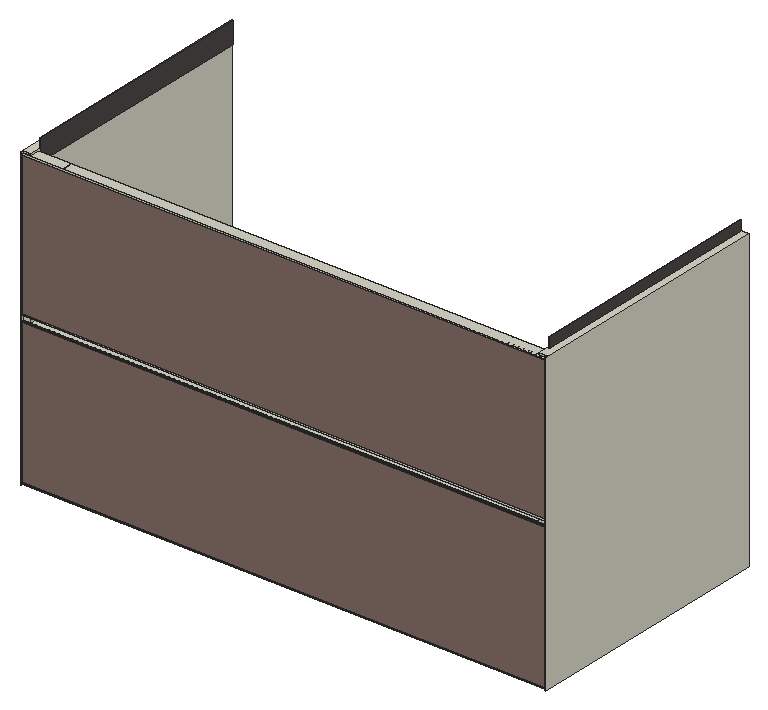
Revit family "vanity unit-hansgrohe-54182XXX-Xevolos E Vanity unit Sand Matt Beige 980_475 with 2 drawers for washbasin", category Furniture, Revit 2019
Family settings
  OmniClass Number = 23.40.00.00
  OmniClass Title = Equipment and Furnishings
  Work Plane-Based = No
  Always vertical = Yes
  Cut with Voids When Loaded = No
  Shared = Yes
  Room Calculation Point = No
Parameters (values of type "54182730-SAND_MATT_BEIGE-DARK_OAK-400")
  etim7_EC011381 = "EC011381"
  WEIGHT = "39.4"
  UNSPSC = "56 | Furniture and Furnishings"
  UNIFORMATII = "E2010 | Fixed Furnishings"
  UNICLASS_2015_CODE = "40_30_78_05"
  UNICLASS2015 = "Pr_40_30_78_05 | Bathroom furniture"
  SURFACE = "DARK_OAK"
  REGION = "Worldwide"
  PRODUCTURL = "https://pro.hansgrohe.com/articledetail--54182790"
  PERMALINK = "54182XXX"
  OMNICLASS = "23-21 19 15 33 13 | Residential Bathroom Specialty Casework"
  OBJECTTYPE = "Object (single object)"
  OBERFLAECHE = "SAND_MATT_BEIGE"
  NN = "Vanity unit with 2 drawers for handrinse basin"
  NBSYN = "$ARTNR.-$OBERFLAECHE.-$SURFACE.-$LODLEVEL."
  NB = "54182730-SAND_MATT_BEIGE-DARK_OAK-400"
  NAME = "Xevolos E Vanity unit Sand Matt Beige 980/475 with 2 drawers for washbasin"
  Model = "54182730-SAND_MATT_BEIGE-DARK_OAK-400"
  Manufacturer = "Hansgrohe"
  MIdent = "{$CADENAS_DATA/23d-libs/hansgrohe/xevolos_furniture/xevolos_vanity_unit_2_drawers_handrinse_basin/vanity_unit_2_drawers_for_handrinse_basin.prj},263 {VTYP=3D},{NB=54182730-SAND_MATT_BEIGE-DARK_OAK-400},{LINA=54182730-SAND_MATT_BEIGE-DARK_OAK-400},{NN=Vanity unit with 2 drawers for handrinse basin},{DATE=13.03.2023 12:26:32},{GEOMDATE=12.03.2023 06:54:00},{VERSION=},{LINEID=810},{WBVAR=LODLEVEL},{WBNUMERIC=}  {NB=54182730-SAND_MATT_BEIGE-DARK_OAK-400},{LINA=54182730-SAND_MATT_BEIGE-DARK_OAK-400},{KT=DUMMY},{IDNR=32},{ARTNR=54182730},{BASENUMBER=54182},{MODEL=54182XXX},{OBERFLAECHE=SAND_MATT_BEIGE},{SURFACE=DARK_OAK},{L=980},{LODLEVEL=400},{LODLEVELX='400','400','200','200'},{NAME=Xevolos E Vanity unit Sand Matt Beige 980/475 with 2 drawers for washbasin},{PERMALINK=54182XXX},{OBJECTTYPE=Object (single object)},{BIMOBJECT=Sanitary: Compound units},{COLLECTIONSET=Xevolos E},{COLLECTION=vanity unit},{WEIGHT=39.4},{DESCRIPTION=Xevolos E Vanity unit Sand Matt Beige 980/475 with 2 drawers for washbasin},{PRODUCTURL=https://pro.hansgrohe.com/articledetail--54182790},{GTINCODE=0},{TENDERURL=0},{IFC=Furnishing element},{ETIM=EC011381 | Bathroom furniture set},{UNICLASS2015=Pr_40_30_78_05 | Bathroom furniture},{OMNICLASS=23-21 19 15 33 13 | Residential Bathroom Specialty Casework},{MASTERFORMAT=12 35 30.23 | Bathroom Casework},{UNSPSC=56 | Furniture and Furnishings},{UNIFORMATII=E2010 | Fixed Furnishings},{REGION=Worldwide},{DESIGN=Germany},{MANUFACTURER=Germany}"
  MASTERFORMAT = "12 35 30.23 | Bathroom Casework"
  LODLEVEL = "400"
  LINA = "54182730-SAND_MATT_BEIGE-DARK_OAK-400"
  L = 980
  IFC = "Furnishing element"
  IDNR = 32
  ETIM = "EC011381 | Bathroom furniture set"
  DESIGN = "Germany"
  COLLECTIONSET = "Xevolos E"
  COLLECTION = "vanity unit"
  CATALOG = "Hansgrohe"
  BIMOBJECT = "Sanitary: Compound units"
  BASENUMBER = "54182"
  ARTNR = "54182730"
  54182790-SAND_MATT_BEIGE-METALLIC_SAND_BEIGE-400_RX0RY0RZ0TX0TY0TZ0_V = no
  54182790-SAND_MATT_BEIGE-METALLIC_SAND_BEIGE-200_RX0RY0RZ0TX0TY0TZ0_V = no
  54182730-SAND_MATT_BEIGE-DARK_OAK-400_RX0RY0RZ0TX0TY0TZ0_V = yes
  54182730-SAND_MATT_BEIGE-DARK_OAK-200_RX0RY0RZ0TX0TY0TZ0_V = no
  54182390-SAND_MATT_BEIGE-PATTEREND_BRONZE-400_RX0RY0RZ0TX0TY0TZ0_V = no
  54182390-SAND_MATT_BEIGE-PATTEREND_BRONZE-200_RX0RY0RZ0TX0TY0TZ0_V = no
Types (6, lengths in mm): name | SURFACE | NB | Model | MIdent | LODLEVEL | LINA | IDNR | ARTNR | 54182790-SAND_MATT_BEIGE-METALLIC_SAND_BEIGE-400_RX0RY0RZ0TX0TY0TZ0_V | 54182790-SAND_MATT_BEIGE-METALLIC_SAND_BEIGE-200_RX0RY0RZ0TX0TY0TZ0_V | 54182730-SAND_MATT_BEIGE-DARK_OAK-400_RX0RY0RZ0TX0TY0TZ0_V | 54182730-SAND_MATT_BEIGE-DARK_OAK-200_RX0RY0RZ0TX0TY0TZ0_V | 54182390-SAND_MATT_BEIGE-PATTEREND_BRONZE-400_RX0RY0RZ0TX0TY0TZ0_V | 54182390-SAND_MATT_BEIGE-PATTEREND_BRONZE-200_RX0RY0RZ0TX0TY0TZ0_V
  54182390-SAND_MATT_BEIGE-PATTEREND_BRONZE-200 | "PATTEREND_BRONZE" | "54182390-SAND_MATT_BEIGE-PATTEREND_BRONZE-200" | "54182390-SAND_MATT_BEIGE-PATTEREND_BRONZE-200" | "{$CADENAS_DATA/23d-libs/hansgrohe/xevolos_furniture/xevolos_vanity_unit_2_drawers_handrinse_basin/vanity_unit_2_drawers_for_handrinse_basin.prj},279 {VTYP=3D},{NB=54182390-SAND_MATT_BEIGE-PATTEREND_BRONZE-200},{LINA=54182390-SAND_MATT_BEIGE-PATTEREND_BRONZE-200},{NN=Vanity unit with 2 drawers for handrinse basin},{DATE=13.03.2023 12:26:32},{GEOMDATE=12.03.2023 06:54:00},{VERSION=},{LINEID=800},{WBVAR=LODLEVEL},{WBNUMERIC=}  {NB=54182390-SAND_MATT_BEIGE-PATTEREND_BRONZE-200},{LINA=54182390-SAND_MATT_BEIGE-PATTEREND_BRONZE-200},{KT=DUMMY},{IDNR=31},{ARTNR=54182390},{BASENUMBER=54182},{MODEL=54182XXX},{OBERFLAECHE=SAND_MATT_BEIGE},{SURFACE=PATTEREND_BRONZE},{L=980},{LODLEVEL=200},{LODLEVELX='400','400','200','200'},{NAME=Xevolos E Vanity unit Sand Matt Beige 980/475 with 2 drawers for washbasin},{PERMALINK=54182XXX},{OBJECTTYPE=Object (single object)},{BIMOBJECT=Sanitary: Compound units},{COLLECTIONSET=Xevolos E},{COLLECTION=vanity unit},{WEIGHT=39.4},{DESCRIPTION=Xevolos E Vanity unit Sand Matt Beige 980/475 with 2 drawers for washbasin},{PRODUCTURL=https://pro.hansgrohe.com/articledetail--54182790},{GTINCODE=0},{TENDERURL=0},{IFC=Furnishing element},{ETIM=EC011381 | Bathroom furniture set},{UNICLASS2015=Pr_40_30_78_05 | Bathroom furniture},{OMNICLASS=23-21 19 15 33 13 | Residential Bathroom Specialty Casework},{MASTERFORMAT=12 35 30.23 | Bathroom Casework},{UNSPSC=56 | Furniture and Furnishings},{UNIFORMATII=E2010 | Fixed Furnishings},{REGION=Worldwide},{DESIGN=Germany},{MANUFACTURER=Germany}" | "200" | "54182390-SAND_MATT_BEIGE-PATTEREND_BRONZE-200" | 31 | "54182390" | no | no | no | no | no | yes
  54182390-SAND_MATT_BEIGE-PATTEREND_BRONZE-400 | "PATTEREND_BRONZE" | "54182390-SAND_MATT_BEIGE-PATTEREND_BRONZE-400" | "54182390-SAND_MATT_BEIGE-PATTEREND_BRONZE-400" | "{$CADENAS_DATA/23d-libs/hansgrohe/xevolos_furniture/xevolos_vanity_unit_2_drawers_handrinse_basin/vanity_unit_2_drawers_for_handrinse_basin.prj},279 {VTYP=3D},{NB=54182390-SAND_MATT_BEIGE-PATTEREND_BRONZE-400},{LINA=54182390-SAND_MATT_BEIGE-PATTEREND_BRONZE-400},{NN=Vanity unit with 2 drawers for handrinse basin},{DATE=13.03.2023 12:26:32},{GEOMDATE=12.03.2023 06:54:00},{VERSION=},{LINEID=800},{WBVAR=LODLEVEL},{WBNUMERIC=}  {NB=54182390-SAND_MATT_BEIGE-PATTEREND_BRONZE-400},{LINA=54182390-SAND_MATT_BEIGE-PATTEREND_BRONZE-400},{KT=DUMMY},{IDNR=31},{ARTNR=54182390},{BASENUMBER=54182},{MODEL=54182XXX},{OBERFLAECHE=SAND_MATT_BEIGE},{SURFACE=PATTEREND_BRONZE},{L=980},{LODLEVEL=400},{LODLEVELX='400','400','200','200'},{NAME=Xevolos E Vanity unit Sand Matt Beige 980/475 with 2 drawers for washbasin},{PERMALINK=54182XXX},{OBJECTTYPE=Object (single object)},{BIMOBJECT=Sanitary: Compound units},{COLLECTIONSET=Xevolos E},{COLLECTION=vanity unit},{WEIGHT=39.4},{DESCRIPTION=Xevolos E Vanity unit Sand Matt Beige 980/475 with 2 drawers for washbasin},{PRODUCTURL=https://pro.hansgrohe.com/articledetail--54182790},{GTINCODE=0},{TENDERURL=0},{IFC=Furnishing element},{ETIM=EC011381 | Bathroom furniture set},{UNICLASS2015=Pr_40_30_78_05 | Bathroom furniture},{OMNICLASS=23-21 19 15 33 13 | Residential Bathroom Specialty Casework},{MASTERFORMAT=12 35 30.23 | Bathroom Casework},{UNSPSC=56 | Furniture and Furnishings},{UNIFORMATII=E2010 | Fixed Furnishings},{REGION=Worldwide},{DESIGN=Germany},{MANUFACTURER=Germany}" | "400" | "54182390-SAND_MATT_BEIGE-PATTEREND_BRONZE-400" | 31 | "54182390" | no | no | no | no | yes | no
  54182730-SAND_MATT_BEIGE-DARK_OAK-200 | "DARK_OAK" | "54182730-SAND_MATT_BEIGE-DARK_OAK-200" | "54182730-SAND_MATT_BEIGE-DARK_OAK-200" | "{$CADENAS_DATA/23d-libs/hansgrohe/xevolos_furniture/xevolos_vanity_unit_2_drawers_handrinse_basin/vanity_unit_2_drawers_for_handrinse_basin.prj},263 {VTYP=3D},{NB=54182730-SAND_MATT_BEIGE-DARK_OAK-200},{LINA=54182730-SAND_MATT_BEIGE-DARK_OAK-200},{NN=Vanity unit with 2 drawers for handrinse basin},{DATE=13.03.2023 12:26:32},{GEOMDATE=12.03.2023 06:54:00},{VERSION=},{LINEID=810},{WBVAR=LODLEVEL},{WBNUMERIC=}  {NB=54182730-SAND_MATT_BEIGE-DARK_OAK-200},{LINA=54182730-SAND_MATT_BEIGE-DARK_OAK-200},{KT=DUMMY},{IDNR=32},{ARTNR=54182730},{BASENUMBER=54182},{MODEL=54182XXX},{OBERFLAECHE=SAND_MATT_BEIGE},{SURFACE=DARK_OAK},{L=980},{LODLEVEL=200},{LODLEVELX='400','400','200','200'},{NAME=Xevolos E Vanity unit Sand Matt Beige 980/475 with 2 drawers for washbasin},{PERMALINK=54182XXX},{OBJECTTYPE=Object (single object)},{BIMOBJECT=Sanitary: Compound units},{COLLECTIONSET=Xevolos E},{COLLECTION=vanity unit},{WEIGHT=39.4},{DESCRIPTION=Xevolos E Vanity unit Sand Matt Beige 980/475 with 2 drawers for washbasin},{PRODUCTURL=https://pro.hansgrohe.com/articledetail--54182790},{GTINCODE=0},{TENDERURL=0},{IFC=Furnishing element},{ETIM=EC011381 | Bathroom furniture set},{UNICLASS2015=Pr_40_30_78_05 | Bathroom furniture},{OMNICLASS=23-21 19 15 33 13 | Residential Bathroom Specialty Casework},{MASTERFORMAT=12 35 30.23 | Bathroom Casework},{UNSPSC=56 | Furniture and Furnishings},{UNIFORMATII=E2010 | Fixed Furnishings},{REGION=Worldwide},{DESIGN=Germany},{MANUFACTURER=Germany}" | "200" | "54182730-SAND_MATT_BEIGE-DARK_OAK-200" | 32 | "54182730" | no | no | no | yes | no | no
  54182730-SAND_MATT_BEIGE-DARK_OAK-400 | "DARK_OAK" | "54182730-SAND_MATT_BEIGE-DARK_OAK-400" | "54182730-SAND_MATT_BEIGE-DARK_OAK-400" | "{$CADENAS_DATA/23d-libs/hansgrohe/xevolos_furniture/xevolos_vanity_unit_2_drawers_handrinse_basin/vanity_unit_2_drawers_for_handrinse_basin.prj},263 {VTYP=3D},{NB=54182730-SAND_MATT_BEIGE-DARK_OAK-400},{LINA=54182730-SAND_MATT_BEIGE-DARK_OAK-400},{NN=Vanity unit with 2 drawers for handrinse basin},{DATE=13.03.2023 12:26:32},{GEOMDATE=12.03.2023 06:54:00},{VERSION=},{LINEID=810},{WBVAR=LODLEVEL},{WBNUMERIC=}  {NB=54182730-SAND_MATT_BEIGE-DARK_OAK-400},{LINA=54182730-SAND_MATT_BEIGE-DARK_OAK-400},{KT=DUMMY},{IDNR=32},{ARTNR=54182730},{BASENUMBER=54182},{MODEL=54182XXX},{OBERFLAECHE=SAND_MATT_BEIGE},{SURFACE=DARK_OAK},{L=980},{LODLEVEL=400},{LODLEVELX='400','400','200','200'},{NAME=Xevolos E Vanity unit Sand Matt Beige 980/475 with 2 drawers for washbasin},{PERMALINK=54182XXX},{OBJECTTYPE=Object (single object)},{BIMOBJECT=Sanitary: Compound units},{COLLECTIONSET=Xevolos E},{COLLECTION=vanity unit},{WEIGHT=39.4},{DESCRIPTION=Xevolos E Vanity unit Sand Matt Beige 980/475 with 2 drawers for washbasin},{PRODUCTURL=https://pro.hansgrohe.com/articledetail--54182790},{GTINCODE=0},{TENDERURL=0},{IFC=Furnishing element},{ETIM=EC011381 | Bathroom furniture set},{UNICLASS2015=Pr_40_30_78_05 | Bathroom furniture},{OMNICLASS=23-21 19 15 33 13 | Residential Bathroom Specialty Casework},{MASTERFORMAT=12 35 30.23 | Bathroom Casework},{UNSPSC=56 | Furniture and Furnishings},{UNIFORMATII=E2010 | Fixed Furnishings},{REGION=Worldwide},{DESIGN=Germany},{MANUFACTURER=Germany}" | "400" | "54182730-SAND_MATT_BEIGE-DARK_OAK-400" | 32 | "54182730" | no | no | yes | no | no | no
  54182790-SAND_MATT_BEIGE-METALLIC_SAND_BEIGE-200 | "METALLIC_SAND_BEIGE" | "54182790-SAND_MATT_BEIGE-METALLIC_SAND_BEIGE-200" | "54182790-SAND_MATT_BEIGE-METALLIC_SAND_BEIGE-200" | "{$CADENAS_DATA/23d-libs/hansgrohe/xevolos_furniture/xevolos_vanity_unit_2_drawers_handrinse_basin/vanity_unit_2_drawers_for_handrinse_basin.prj},285 {VTYP=3D},{NB=54182790-SAND_MATT_BEIGE-METALLIC_SAND_BEIGE-200},{LINA=54182790-SAND_MATT_BEIGE-METALLIC_SAND_BEIGE-200},{NN=Vanity unit with 2 drawers for handrinse basin},{DATE=13.03.2023 12:26:32},{GEOMDATE=12.03.2023 06:54:00},{VERSION=},{LINEID=820},{WBVAR=LODLEVEL},{WBNUMERIC=}  {NB=54182790-SAND_MATT_BEIGE-METALLIC_SAND_BEIGE-200},{LINA=54182790-SAND_MATT_BEIGE-METALLIC_SAND_BEIGE-200},{KT=DUMMY},{IDNR=33},{ARTNR=54182790},{BASENUMBER=54182},{MODEL=54182XXX},{OBERFLAECHE=SAND_MATT_BEIGE},{SURFACE=METALLIC_SAND_BEIGE},{L=980},{LODLEVEL=200},{LODLEVELX='400','400','200','200'},{NAME=Xevolos E Vanity unit Sand Matt Beige 980/475 with 2 drawers for washbasin},{PERMALINK=54182XXX},{OBJECTTYPE=Object (single object)},{BIMOBJECT=Sanitary: Compound units},{COLLECTIONSET=Xevolos E},{COLLECTION=vanity unit},{WEIGHT=39.4},{DESCRIPTION=Xevolos E Vanity unit Sand Matt Beige 980/475 with 2 drawers for washbasin},{PRODUCTURL=https://pro.hansgrohe.com/articledetail--54182790},{GTINCODE=0},{TENDERURL=0},{IFC=Furnishing element},{ETIM=EC011381 | Bathroom furniture set},{UNICLASS2015=Pr_40_30_78_05 | Bathroom furniture},{OMNICLASS=23-21 19 15 33 13 | Residential Bathroom Specialty Casework},{MASTERFORMAT=12 35 30.23 | Bathroom Casework},{UNSPSC=56 | Furniture and Furnishings},{UNIFORMATII=E2010 | Fixed Furnishings},{REGION=Worldwide},{DESIGN=Germany},{MANUFACTURER=Germany}" | "200" | "54182790-SAND_MATT_BEIGE-METALLIC_SAND_BEIGE-200" | 33 | "54182790" | no | yes | no | no | no | no
  54182790-SAND_MATT_BEIGE-METALLIC_SAND_BEIGE-400 | "METALLIC_SAND_BEIGE" | "54182790-SAND_MATT_BEIGE-METALLIC_SAND_BEIGE-400" | "54182790-SAND_MATT_BEIGE-METALLIC_SAND_BEIGE-400" | "{$CADENAS_DATA/23d-libs/hansgrohe/xevolos_furniture/xevolos_vanity_unit_2_drawers_handrinse_basin/vanity_unit_2_drawers_for_handrinse_basin.prj},285 {VTYP=3D},{NB=54182790-SAND_MATT_BEIGE-METALLIC_SAND_BEIGE-400},{LINA=54182790-SAND_MATT_BEIGE-METALLIC_SAND_BEIGE-400},{NN=Vanity unit with 2 drawers for handrinse basin},{DATE=13.03.2023 12:26:32},{GEOMDATE=12.03.2023 06:54:00},{VERSION=},{LINEID=820},{WBVAR=LODLEVEL},{WBNUMERIC=}  {NB=54182790-SAND_MATT_BEIGE-METALLIC_SAND_BEIGE-400},{LINA=54182790-SAND_MATT_BEIGE-METALLIC_SAND_BEIGE-400},{KT=DUMMY},{IDNR=33},{ARTNR=54182790},{BASENUMBER=54182},{MODEL=54182XXX},{OBERFLAECHE=SAND_MATT_BEIGE},{SURFACE=METALLIC_SAND_BEIGE},{L=980},{LODLEVEL=400},{LODLEVELX='400','400','200','200'},{NAME=Xevolos E Vanity unit Sand Matt Beige 980/475 with 2 drawers for washbasin},{PERMALINK=54182XXX},{OBJECTTYPE=Object (single object)},{BIMOBJECT=Sanitary: Compound units},{COLLECTIONSET=Xevolos E},{COLLECTION=vanity unit},{WEIGHT=39.4},{DESCRIPTION=Xevolos E Vanity unit Sand Matt Beige 980/475 with 2 drawers for washbasin},{PRODUCTURL=https://pro.hansgrohe.com/articledetail--54182790},{GTINCODE=0},{TENDERURL=0},{IFC=Furnishing element},{ETIM=EC011381 | Bathroom furniture set},{UNICLASS2015=Pr_40_30_78_05 | Bathroom furniture},{OMNICLASS=23-21 19 15 33 13 | Residential Bathroom Specialty Casework},{MASTERFORMAT=12 35 30.23 | Bathroom Casework},{UNSPSC=56 | Furniture and Furnishings},{UNIFORMATII=E2010 | Fixed Furnishings},{REGION=Worldwide},{DESIGN=Germany},{MANUFACTURER=Germany}" | "400" | "54182790-SAND_MATT_BEIGE-METALLIC_SAND_BEIGE-400" | 33 | "54182790" | yes | no | no | no | no | no
Reference planes
  plane 1 "Center (Front/Back)": y = 0
  plane 2: z = 0
  plane 3 "Center (Left/Right)": x = 0
Dimensions and locks
  aligned and locked: level to plane 2
Nested families
  nested 1: "54182390-sand_matt_beige-patterend_bronze-200_content" at (0, 0, 0), visible <- "54182390-SAND_MATT_BEIGE-PATTEREND_BRONZE-200_RX0RY0RZ0TX0TY0TZ0_V", ContentVisible <- "54182390-SAND_MATT_BEIGE-PATTEREND_BRONZE-200_RX0RY0RZ0TX0TY0TZ0_V", type "54182390-SAND_MATT_BEIGE-PATTEREND_BRONZE-200_Content"
    with ContentVisible no
  nested 2: "54182390-sand_matt_beige-patterend_bronze-400_content" at (0, 0, 0), visible <- "54182390-SAND_MATT_BEIGE-PATTEREND_BRONZE-400_RX0RY0RZ0TX0TY0TZ0_V", ContentVisible <- "54182390-SAND_MATT_BEIGE-PATTEREND_BRONZE-400_RX0RY0RZ0TX0TY0TZ0_V", type "54182390-SAND_MATT_BEIGE-PATTEREND_BRONZE-400_Content"
    with ContentVisible no
  nested 3: "54182730-sand_matt_beige-dark_oak-200_content" at (0, 0, 0), visible <- "54182730-SAND_MATT_BEIGE-DARK_OAK-200_RX0RY0RZ0TX0TY0TZ0_V", ContentVisible <- "54182730-SAND_MATT_BEIGE-DARK_OAK-200_RX0RY0RZ0TX0TY0TZ0_V", type "54182730-SAND_MATT_BEIGE-DARK_OAK-200_Content"
    with ContentVisible no
  nested 4: "54182730-sand_matt_beige-dark_oak-400_content" at (0, 0, 0), visible <- "54182730-SAND_MATT_BEIGE-DARK_OAK-400_RX0RY0RZ0TX0TY0TZ0_V", ContentVisible <- "54182730-SAND_MATT_BEIGE-DARK_OAK-400_RX0RY0RZ0TX0TY0TZ0_V", type "54182730-SAND_MATT_BEIGE-DARK_OAK-400_Content"
    with ContentVisible yes
  nested 5: "54182790-sand_matt_beige-metallic_sand_beige-200_content" at (0, 0, 0), visible <- "54182790-SAND_MATT_BEIGE-METALLIC_SAND_BEIGE-200_RX0RY0RZ0TX0TY0TZ0_V", ContentVisible <- "54182790-SAND_MATT_BEIGE-METALLIC_SAND_BEIGE-200_RX0RY0RZ0TX0TY0TZ0_V", type "54182790-SAND_MATT_BEIGE-METALLIC_SAND_BEIGE-200_Content"
    with ContentVisible no
  nested 6: "54182790-sand_matt_beige-metallic_sand_beige-400_content" at (0, 0, 0), visible <- "54182790-SAND_MATT_BEIGE-METALLIC_SAND_BEIGE-400_RX0RY0RZ0TX0TY0TZ0_V", ContentVisible <- "54182790-SAND_MATT_BEIGE-METALLIC_SAND_BEIGE-400_RX0RY0RZ0TX0TY0TZ0_V", type "54182790-SAND_MATT_BEIGE-METALLIC_SAND_BEIGE-400_Content"
    with ContentVisible no
Definition of nested family "54182730-sand_matt_beige-dark_oak-400_content"
  Parameters (values of type "54182730-SAND_MATT_BEIGE-DARK_OAK-400_Content")
    etim7_EC011381 = "EC011381"
    WEIGHT = "39.4"
    UNSPSC = "56 | Furniture and Furnishings"
    UNIFORMATII = "E2010 | Fixed Furnishings"
    UNICLASS_2015_CODE = "40_30_78_05"
    UNICLASS2015 = "Pr_40_30_78_05 | Bathroom furniture"
    SURFACE = "DARK_OAK"
    REGION = "Worldwide"
    PRODUCTURL = "https://pro.hansgrohe.com/articledetail--54182790"
    PERMALINK = "54182XXX"
    OMNICLASS = "23-21 19 15 33 13 | Residential Bathroom Specialty Casework"
    OBJECTTYPE = "Object (single object)"
    OBERFLAECHE = "SAND_MATT_BEIGE"
    NN = "Vanity unit with 2 drawers for handrinse basin"
    NBSYN = "$ARTNR.-$OBERFLAECHE.-$SURFACE.-$LODLEVEL."
    NB = "54182730-SAND_MATT_BEIGE-DARK_OAK-400"
    NAME = "Xevolos E Vanity unit Sand Matt Beige 980/475 with 2 drawers for washbasin"
    Model = "54182730-SAND_MATT_BEIGE-DARK_OAK-400"
    Manufacturer = "Hansgrohe"
    MASTERFORMAT = "12 35 30.23 | Bathroom Casework"
    LODLEVEL = "400"
    LINA = "54182730-SAND_MATT_BEIGE-DARK_OAK-400"
    L = 980
    IFC = "Furnishing element"
    IDNR = 32
    ETIM = "EC011381 | Bathroom furniture set"
    Default Elevation = 1219.2 mm
    DESIGN = "Germany"
    ContentVisible [instance] = yes
    COLLECTIONSET = "Xevolos E"
    COLLECTION = "vanity unit"
    CATALOG = "Hansgrohe"
    BIMOBJECT = "Sanitary: Compound units"
    BASENUMBER = "54182"
    ARTNR = "54182730"
  Reference planes
    plane 1 "Center (Front/Back)": y = 0
    plane 2: z = 0
    plane 3 "Center (Left/Right)": x = 0
  Forms (mm)
    Extrusion 1, solid, visible <- "ContentVisible", detail levels medium+fine
      sketch origin (0, 0, 0) x (1, 0, 0) y (0, 1, 0)
        loop
          line (-490, 0) -> (-490, -472.3) -> (-488, -472.3) -> (-488, -468.3) -> (-474, -468.3) -> (-474, 0) -> (-490, 0)
      from 0 to 556
    Extrusion 2, solid, visible <- "ContentVisible", detail levels medium+fine
      sketch origin (0, 0, 0) x (1, 0, 0) y (0, 1, 0)
        loop
          line (-474, -79) -> (-474, -445.5) -> (474, -445.5) -> (474, -79) -> (-474, -79)
      from 0 to 16
    Extrusion 3, solid, visible <- "ContentVisible", detail levels medium+fine
      sketch origin (0, 0, 0) x (1, 0, 0) y (0, 1, 0)
        loop
          line (474, 0) -> (474, -468.3) -> (488, -468.3) -> (488, -472.3) -> (490, -472.3) -> (490, 0) -> (474, 0)
      from 0 to 556
    Extrusion 4, solid, visible <- "ContentVisible", detail levels medium+fine
      sketch origin (0, 0, 0.5) x (1, 0, 0) y (0, 1, 0)
        loop
          line (-474, -63) -> (-474, -79) -> (474, -79) -> (474, -63) -> (-474, -63)
      from 0 to 126
    Extrusion 5, solid, visible <- "ContentVisible", detail levels medium+fine
      sketch origin (0, 0, 2) x (1, 0, 0) y (0, 1, 0)
        loop
          line (-488, -451) -> (-488, -472.3) -> (488, -472.3) -> (488, -451) -> (-488, -451)
      from 0 to 2
    Extrusion 6, solid, visible <- "ContentVisible", detail levels medium+fine
      sketch origin (0, 0, 554) x (1, 0, 0) y (0, 1, 0)
        loop
          line (-488, -451) -> (-488, -472.3) -> (488, -472.3) -> (488, -451) -> (-488, -451)
      from -2 to 0
    Extrusion 7, solid, visible <- "ContentVisible", detail levels medium+fine
      sketch origin (0, -468.3, 0) x (1, 0, 0) y (0, 0, -1)
        loop
          line (-488, -272.5) -> (488, -272.5) -> (488, -4.5) -> (-488, -4.5) -> (-488, -272.5)
      from -4 to 0
    Extrusion 8, solid, visible <- "ContentVisible", detail levels medium+fine
      sketch origin (0, -468.3, 0) x (1, 0, 0) y (0, 0, -1)
        loop
          line (-488, -553.5) -> (488, -553.5) -> (488, -285.5) -> (-488, -285.5) -> (-488, -553.5)
      from -4 to 0
    Extrusion 9, solid, visible <- "ContentVisible", detail levels medium+fine
      sketch origin (0, 0, 272.5) x (1, 0, 0) y (0, 1, 0)
        loop
          line (-488, -451) -> (-488, -472.3) -> (488, -472.3) -> (488, -451) -> (-488, -451)
      from 0 to 2
    Extrusion 10, solid, visible <- "ContentVisible", detail levels medium+fine
      sketch origin (0, 0, 285.5) x (1, 0, 0) y (0, 1, 0)
        loop
          line (-488, -451) -> (-488, -472.3) -> (488, -472.3) -> (488, -451) -> (-488, -451)
      from -2 to 0
    Extrusion 11, solid, visible <- "ContentVisible", detail levels medium+fine
      sketch origin (0, -468.3, 0) x (1, 0, 0) y (0, 0, -1)
        loop
          line (-488, -274.5) -> (488, -274.5) -> (488, -4.5) -> (-488, -4.5) -> (-488, -274.5)
        loop
          line (-414, -78) -> (-414, -272.5) -> (414, -272.5) -> (414, -78) -> (-414, -78)
      from 0 to 17
    Extrusion 12, solid, visible <- "ContentVisible", detail levels medium+fine
      sketch origin (0, -468.3, 0) x (1, 0, 0) y (0, 0, -1)
        loop
          line (-488, -553.5) -> (-412, -553.5) -> (-412, -361.5) -> (412, -361.5) -> (412, -553.5) -> (488, -553.5) -> (488, -285.5) -> (-488, -285.5) -> (-488, -553.5)
      from 0 to 17
    Extrusion 13, solid, visible <- "ContentVisible", detail levels medium+fine
      sketch origin (-474, 0, 0) x (0, 0, -1) y (0, 1, 0)
        loop
          line (-574, 0) -> (-574, -446) -> (-534, -446) -> (-534, 0) -> (-574, 0)
      from 0 to 2
    Extrusion 14, solid, visible <- "ContentVisible", detail levels medium+fine
      sketch origin (474, 0, 0) x (0, 0, -1) y (0, 1, 0)
        loop
          line (-574, 0) -> (-574, -446) -> (-534, -446) -> (-534, 0) -> (-574, 0)
      from 0 to 2
    Extrusion 15, solid, visible <- "ContentVisible", detail levels medium+fine
      sketch origin (0, 0, 0) x (0, 0, -1) y (0, 1, 0)
        loop
          line (-285, -319.5) -> (-285, -444) -> (-269, -444) -> (-269, -319.5) -> (-285, -319.5)
      from -474 to 474
    Extrusion 16, solid, visible <- "ContentVisible", detail levels coarse
      sketch origin (0, -236.15, 0) x (1, 0, 0) y (0, 1, 0)
        loop
          line (-490, -236.15) -> (490, -236.15) -> (490, 236.15) -> (-490, 236.15) -> (-490, -236.15)
      from 0 to 574
  Dimensions and locks
    aligned and locked: level to plane 2
Definition of nested family "54182390-sand_matt_beige-patterend_bronze-200_content"
  Parameters (values of type "54182390-SAND_MATT_BEIGE-PATTEREND_BRONZE-200_Content")
    etim7_EC011381 = "EC011381"
    WEIGHT = "39.4"
    UNSPSC = "56 | Furniture and Furnishings"
    UNIFORMATII = "E2010 | Fixed Furnishings"
    UNICLASS_2015_CODE = "40_30_78_05"
    UNICLASS2015 = "Pr_40_30_78_05 | Bathroom furniture"
    SURFACE = "PATTEREND_BRONZE"
    REGION = "Worldwide"
    PRODUCTURL = "https://pro.hansgrohe.com/articledetail--54182790"
    PERMALINK = "54182XXX"
    OMNICLASS = "23-21 19 15 33 13 | Residential Bathroom Specialty Casework"
    OBJECTTYPE = "Object (single object)"
    OBERFLAECHE = "SAND_MATT_BEIGE"
    NN = "Vanity unit with 2 drawers for handrinse basin"
    NBSYN = "$ARTNR.-$OBERFLAECHE.-$SURFACE.-$LODLEVEL."
    NB = "54182390-SAND_MATT_BEIGE-PATTEREND_BRONZE-200"
    NAME = "Xevolos E Vanity unit Sand Matt Beige 980/475 with 2 drawers for washbasin"
    Model = "54182390-SAND_MATT_BEIGE-PATTEREND_BRONZE-200"
    Manufacturer = "Hansgrohe"
    MASTERFORMAT = "12 35 30.23 | Bathroom Casework"
    LODLEVEL = "200"
    LINA = "54182390-SAND_MATT_BEIGE-PATTEREND_BRONZE-200"
    L = 980
    IFC = "Furnishing element"
    IDNR = 31
    ETIM = "EC011381 | Bathroom furniture set"
    Default Elevation = 1219.2 mm
    DESIGN = "Germany"
    ContentVisible [instance] = yes
    COLLECTIONSET = "Xevolos E"
    COLLECTION = "vanity unit"
    CATALOG = "Hansgrohe"
    BIMOBJECT = "Sanitary: Compound units"
    BASENUMBER = "54182"
    ARTNR = "54182390"
  Reference planes
    plane 1 "Center (Front/Back)": y = 0
    plane 2: z = 0
    plane 3 "Center (Left/Right)": x = 0
  Forms (mm)
    Extrusion 1, solid, visible <- "ContentVisible", detail levels medium+fine
      sketch origin (0, 0, 0) x (1, 0, 0) y (0, 1, 0)
        loop
          line (-490, 0) -> (-490, -468.3) -> (490, -468.3) -> (490, 0) -> (-490, 0)
      from 0 to 556
    Extrusion 2, solid, visible <- "ContentVisible", detail levels medium+fine
      sketch origin (0, -468.3, 0) x (1, 0, 0) y (0, 0, -1)
        loop
          line (-490, -278) -> (-488, -278) -> (-488, -4) -> (488, -4) -> (488, -278) -> (490, -278) -> (490, -2) -> (-490, -2) -> (-490, -278)
      from -4 to 0
    Extrusion 3, solid, visible <- "ContentVisible", detail levels medium+fine
      sketch origin (0, -468.3, 0) x (1, 0, 0) y (0, 0, -1)
        loop
          line (-490, -278) -> (-490, -554) -> (490, -554) -> (490, -278) -> (488, -278) -> (488, -552) -> (-488, -552) -> (-488, -278) -> (-490, -278)
      from -4 to 0
    Extrusion 4, solid, visible <- "ContentVisible", detail levels medium+fine
      sketch origin (0, -468.3, 0) x (1, 0, 0) y (0, 0, -1)
        loop
          line (-488, -272.5) -> (488, -272.5) -> (488, -4.5) -> (-488, -4.5) -> (-488, -272.5)
      from -4 to 0
    Extrusion 5, solid, visible <- "ContentVisible", detail levels medium+fine
      sketch origin (0, -468.3, 0) x (1, 0, 0) y (0, 0, -1)
        loop
          line (-488, -553.5) -> (488, -553.5) -> (488, -285.5) -> (-488, -285.5) -> (-488, -553.5)
      from -4 to 0
    Extrusion 6, solid, visible <- "ContentVisible", detail levels medium+fine
      sketch origin (-474, 0, 0) x (0, 0, -1) y (0, 1, 0)
        loop
          line (-574, 0) -> (-574, -446) -> (-534, -446) -> (-534, 0) -> (-574, 0)
      from 0 to 2
    Extrusion 7, solid, visible <- "ContentVisible", detail levels medium+fine
      sketch origin (474, 0, 0) x (0, 0, -1) y (0, 1, 0)
        loop
          line (-574, 0) -> (-574, -446) -> (-534, -446) -> (-534, 0) -> (-574, 0)
      from 0 to 2
    Extrusion 8, solid, visible <- "ContentVisible", detail levels coarse
      sketch origin (0, -236.15, 0) x (1, 0, 0) y (0, 1, 0)
        loop
          line (-490, -236.15) -> (490, -236.15) -> (490, 236.15) -> (-490, 236.15) -> (-490, -236.15)
      from 0 to 574
  Dimensions and locks
    aligned and locked: level to plane 2
Definition of nested family "54182390-sand_matt_beige-patterend_bronze-400_content"
  Parameters (values of type "54182390-SAND_MATT_BEIGE-PATTEREND_BRONZE-400_Content")
    etim7_EC011381 = "EC011381"
    WEIGHT = "39.4"
    UNSPSC = "56 | Furniture and Furnishings"
    UNIFORMATII = "E2010 | Fixed Furnishings"
    UNICLASS_2015_CODE = "40_30_78_05"
    UNICLASS2015 = "Pr_40_30_78_05 | Bathroom furniture"
    SURFACE = "PATTEREND_BRONZE"
    REGION = "Worldwide"
    PRODUCTURL = "https://pro.hansgrohe.com/articledetail--54182790"
    PERMALINK = "54182XXX"
    OMNICLASS = "23-21 19 15 33 13 | Residential Bathroom Specialty Casework"
    OBJECTTYPE = "Object (single object)"
    OBERFLAECHE = "SAND_MATT_BEIGE"
    NN = "Vanity unit with 2 drawers for handrinse basin"
    NBSYN = "$ARTNR.-$OBERFLAECHE.-$SURFACE.-$LODLEVEL."
    NB = "54182390-SAND_MATT_BEIGE-PATTEREND_BRONZE-400"
    NAME = "Xevolos E Vanity unit Sand Matt Beige 980/475 with 2 drawers for washbasin"
    Model = "54182390-SAND_MATT_BEIGE-PATTEREND_BRONZE-400"
    Manufacturer = "Hansgrohe"
    MASTERFORMAT = "12 35 30.23 | Bathroom Casework"
    LODLEVEL = "400"
    LINA = "54182390-SAND_MATT_BEIGE-PATTEREND_BRONZE-400"
    L = 980
    IFC = "Furnishing element"
    IDNR = 31
    ETIM = "EC011381 | Bathroom furniture set"
    Default Elevation = 1219.2 mm
    DESIGN = "Germany"
    ContentVisible [instance] = yes
    COLLECTIONSET = "Xevolos E"
    COLLECTION = "vanity unit"
    CATALOG = "Hansgrohe"
    BIMOBJECT = "Sanitary: Compound units"
    BASENUMBER = "54182"
    ARTNR = "54182390"
  Reference planes
    plane 1 "Center (Front/Back)": y = 0
    plane 2: z = 0
    plane 3 "Center (Left/Right)": x = 0
  Forms (mm)
    Extrusion 1, solid, visible <- "ContentVisible", detail levels medium+fine
      sketch origin (0, 0, 0) x (1, 0, 0) y (0, 1, 0)
        loop
          line (-490, 0) -> (-490, -472.3) -> (-488, -472.3) -> (-488, -468.3) -> (-474, -468.3) -> (-474, 0) -> (-490, 0)
      from 0 to 556
    Extrusion 2, solid, visible <- "ContentVisible", detail levels medium+fine
      sketch origin (0, 0, 0) x (1, 0, 0) y (0, 1, 0)
        loop
          line (-474, -79) -> (-474, -445.5) -> (474, -445.5) -> (474, -79) -> (-474, -79)
      from 0 to 16
    Extrusion 3, solid, visible <- "ContentVisible", detail levels medium+fine
      sketch origin (0, 0, 0) x (1, 0, 0) y (0, 1, 0)
        loop
          line (474, 0) -> (474, -468.3) -> (488, -468.3) -> (488, -472.3) -> (490, -472.3) -> (490, 0) -> (474, 0)
      from 0 to 556
    Extrusion 4, solid, visible <- "ContentVisible", detail levels medium+fine
      sketch origin (0, 0, 0.5) x (1, 0, 0) y (0, 1, 0)
        loop
          line (-474, -63) -> (-474, -79) -> (474, -79) -> (474, -63) -> (-474, -63)
      from 0 to 126
    Extrusion 5, solid, visible <- "ContentVisible", detail levels medium+fine
      sketch origin (0, 0, 2) x (1, 0, 0) y (0, 1, 0)
        loop
          line (-488, -451) -> (-488, -472.3) -> (488, -472.3) -> (488, -451) -> (-488, -451)
      from 0 to 2
    Extrusion 6, solid, visible <- "ContentVisible", detail levels medium+fine
      sketch origin (0, 0, 554) x (1, 0, 0) y (0, 1, 0)
        loop
          line (-488, -451) -> (-488, -472.3) -> (488, -472.3) -> (488, -451) -> (-488, -451)
      from -2 to 0
    Extrusion 7, solid, visible <- "ContentVisible", detail levels medium+fine
      sketch origin (0, -468.3, 0) x (1, 0, 0) y (0, 0, -1)
        loop
          line (-488, -272.5) -> (488, -272.5) -> (488, -4.5) -> (-488, -4.5) -> (-488, -272.5)
      from -4 to 0
    Extrusion 8, solid, visible <- "ContentVisible", detail levels medium+fine
      sketch origin (0, -468.3, 0) x (1, 0, 0) y (0, 0, -1)
        loop
          line (-488, -553.5) -> (488, -553.5) -> (488, -285.5) -> (-488, -285.5) -> (-488, -553.5)
      from -4 to 0
    Extrusion 9, solid, visible <- "ContentVisible", detail levels medium+fine
      sketch origin (0, 0, 272.5) x (1, 0, 0) y (0, 1, 0)
        loop
          line (-488, -451) -> (-488, -472.3) -> (488, -472.3) -> (488, -451) -> (-488, -451)
      from 0 to 2
    Extrusion 10, solid, visible <- "ContentVisible", detail levels medium+fine
      sketch origin (0, 0, 285.5) x (1, 0, 0) y (0, 1, 0)
        loop
          line (-488, -451) -> (-488, -472.3) -> (488, -472.3) -> (488, -451) -> (-488, -451)
      from -2 to 0
    Extrusion 11, solid, visible <- "ContentVisible", detail levels medium+fine
      sketch origin (0, -468.3, 0) x (1, 0, 0) y (0, 0, -1)
        loop
          line (-488, -274.5) -> (488, -274.5) -> (488, -4.5) -> (-488, -4.5) -> (-488, -274.5)
        loop
          line (-414, -78) -> (-414, -272.5) -> (414, -272.5) -> (414, -78) -> (-414, -78)
      from 0 to 17
    Extrusion 12, solid, visible <- "ContentVisible", detail levels medium+fine
      sketch origin (0, -468.3, 0) x (1, 0, 0) y (0, 0, -1)
        loop
          line (-488, -553.5) -> (-412, -553.5) -> (-412, -361.5) -> (412, -361.5) -> (412, -553.5) -> (488, -553.5) -> (488, -285.5) -> (-488, -285.5) -> (-488, -553.5)
      from 0 to 17
    Extrusion 13, solid, visible <- "ContentVisible", detail levels medium+fine
      sketch origin (-474, 0, 0) x (0, 0, -1) y (0, 1, 0)
        loop
          line (-574, 0) -> (-574, -446) -> (-534, -446) -> (-534, 0) -> (-574, 0)
      from 0 to 2
    Extrusion 14, solid, visible <- "ContentVisible", detail levels medium+fine
      sketch origin (474, 0, 0) x (0, 0, -1) y (0, 1, 0)
        loop
          line (-574, 0) -> (-574, -446) -> (-534, -446) -> (-534, 0) -> (-574, 0)
      from 0 to 2
    Extrusion 15, solid, visible <- "ContentVisible", detail levels medium+fine
      sketch origin (0, 0, 0) x (0, 0, -1) y (0, 1, 0)
        loop
          line (-285, -319.5) -> (-285, -444) -> (-269, -444) -> (-269, -319.5) -> (-285, -319.5)
      from -474 to 474
    Extrusion 16, solid, visible <- "ContentVisible", detail levels coarse
      sketch origin (0, -236.15, 0) x (1, 0, 0) y (0, 1, 0)
        loop
          line (-490, -236.15) -> (490, -236.15) -> (490, 236.15) -> (-490, 236.15) -> (-490, -236.15)
      from 0 to 574
  Dimensions and locks
    aligned and locked: level to plane 2
Definition of nested family "54182730-sand_matt_beige-dark_oak-200_content"
  Parameters (values of type "54182730-SAND_MATT_BEIGE-DARK_OAK-200_Content")
    etim7_EC011381 = "EC011381"
    WEIGHT = "39.4"
    UNSPSC = "56 | Furniture and Furnishings"
    UNIFORMATII = "E2010 | Fixed Furnishings"
    UNICLASS_2015_CODE = "40_30_78_05"
    UNICLASS2015 = "Pr_40_30_78_05 | Bathroom furniture"
    SURFACE = "DARK_OAK"
    REGION = "Worldwide"
    PRODUCTURL = "https://pro.hansgrohe.com/articledetail--54182790"
    PERMALINK = "54182XXX"
    OMNICLASS = "23-21 19 15 33 13 | Residential Bathroom Specialty Casework"
    OBJECTTYPE = "Object (single object)"
    OBERFLAECHE = "SAND_MATT_BEIGE"
    NN = "Vanity unit with 2 drawers for handrinse basin"
    NBSYN = "$ARTNR.-$OBERFLAECHE.-$SURFACE.-$LODLEVEL."
    NB = "54182730-SAND_MATT_BEIGE-DARK_OAK-200"
    NAME = "Xevolos E Vanity unit Sand Matt Beige 980/475 with 2 drawers for washbasin"
    Model = "54182730-SAND_MATT_BEIGE-DARK_OAK-200"
    Manufacturer = "Hansgrohe"
    MASTERFORMAT = "12 35 30.23 | Bathroom Casework"
    LODLEVEL = "200"
    LINA = "54182730-SAND_MATT_BEIGE-DARK_OAK-200"
    L = 980
    IFC = "Furnishing element"
    IDNR = 32
    ETIM = "EC011381 | Bathroom furniture set"
    Default Elevation = 1219.2 mm
    DESIGN = "Germany"
    ContentVisible [instance] = yes
    COLLECTIONSET = "Xevolos E"
    COLLECTION = "vanity unit"
    CATALOG = "Hansgrohe"
    BIMOBJECT = "Sanitary: Compound units"
    BASENUMBER = "54182"
    ARTNR = "54182730"
  Reference planes
    plane 1 "Center (Front/Back)": y = 0
    plane 2: z = 0
    plane 3 "Center (Left/Right)": x = 0
  Forms (mm)
    Extrusion 1, solid, visible <- "ContentVisible", detail levels medium+fine
      sketch origin (0, 0, 0) x (1, 0, 0) y (0, 1, 0)
        loop
          line (-490, 0) -> (-490, -468.3) -> (490, -468.3) -> (490, 0) -> (-490, 0)
      from 0 to 556
    Extrusion 2, solid, visible <- "ContentVisible", detail levels medium+fine
      sketch origin (0, -468.3, 0) x (1, 0, 0) y (0, 0, -1)
        loop
          line (-490, -278) -> (-488, -278) -> (-488, -4) -> (488, -4) -> (488, -278) -> (490, -278) -> (490, -2) -> (-490, -2) -> (-490, -278)
      from -4 to 0
    Extrusion 3, solid, visible <- "ContentVisible", detail levels medium+fine
      sketch origin (0, -468.3, 0) x (1, 0, 0) y (0, 0, -1)
        loop
          line (-490, -278) -> (-490, -554) -> (490, -554) -> (490, -278) -> (488, -278) -> (488, -552) -> (-488, -552) -> (-488, -278) -> (-490, -278)
      from -4 to 0
    Extrusion 4, solid, visible <- "ContentVisible", detail levels medium+fine
      sketch origin (0, -468.3, 0) x (1, 0, 0) y (0, 0, -1)
        loop
          line (-488, -272.5) -> (488, -272.5) -> (488, -4.5) -> (-488, -4.5) -> (-488, -272.5)
      from -4 to 0
    Extrusion 5, solid, visible <- "ContentVisible", detail levels medium+fine
      sketch origin (0, -468.3, 0) x (1, 0, 0) y (0, 0, -1)
        loop
          line (-488, -553.5) -> (488, -553.5) -> (488, -285.5) -> (-488, -285.5) -> (-488, -553.5)
      from -4 to 0
    Extrusion 6, solid, visible <- "ContentVisible", detail levels medium+fine
      sketch origin (-474, 0, 0) x (0, 0, -1) y (0, 1, 0)
        loop
          line (-574, 0) -> (-574, -446) -> (-534, -446) -> (-534, 0) -> (-574, 0)
      from 0 to 2
    Extrusion 7, solid, visible <- "ContentVisible", detail levels medium+fine
      sketch origin (474, 0, 0) x (0, 0, -1) y (0, 1, 0)
        loop
          line (-574, 0) -> (-574, -446) -> (-534, -446) -> (-534, 0) -> (-574, 0)
      from 0 to 2
    Extrusion 8, solid, visible <- "ContentVisible", detail levels coarse
      sketch origin (0, -236.15, 0) x (1, 0, 0) y (0, 1, 0)
        loop
          line (-490, -236.15) -> (490, -236.15) -> (490, 236.15) -> (-490, 236.15) -> (-490, -236.15)
      from 0 to 574
  Dimensions and locks
    aligned and locked: level to plane 2
Definition of nested family "54182790-sand_matt_beige-metallic_sand_beige-200_content"
  Parameters (values of type "54182790-SAND_MATT_BEIGE-METALLIC_SAND_BEIGE-200_Content")
    etim7_EC011381 = "EC011381"
    WEIGHT = "39.4"
    UNSPSC = "56 | Furniture and Furnishings"
    UNIFORMATII = "E2010 | Fixed Furnishings"
    UNICLASS_2015_CODE = "40_30_78_05"
    UNICLASS2015 = "Pr_40_30_78_05 | Bathroom furniture"
    SURFACE = "METALLIC_SAND_BEIGE"
    REGION = "Worldwide"
    PRODUCTURL = "https://pro.hansgrohe.com/articledetail--54182790"
    PERMALINK = "54182XXX"
    OMNICLASS = "23-21 19 15 33 13 | Residential Bathroom Specialty Casework"
    OBJECTTYPE = "Object (single object)"
    OBERFLAECHE = "SAND_MATT_BEIGE"
    NN = "Vanity unit with 2 drawers for handrinse basin"
    NBSYN = "$ARTNR.-$OBERFLAECHE.-$SURFACE.-$LODLEVEL."
    NB = "54182790-SAND_MATT_BEIGE-METALLIC_SAND_BEIGE-200"
    NAME = "Xevolos E Vanity unit Sand Matt Beige 980/475 with 2 drawers for washbasin"
    Model = "54182790-SAND_MATT_BEIGE-METALLIC_SAND_BEIGE-200"
    Manufacturer = "Hansgrohe"
    MASTERFORMAT = "12 35 30.23 | Bathroom Casework"
    LODLEVEL = "200"
    LINA = "54182790-SAND_MATT_BEIGE-METALLIC_SAND_BEIGE-200"
    L = 980
    IFC = "Furnishing element"
    IDNR = 33
    ETIM = "EC011381 | Bathroom furniture set"
    Default Elevation = 1219.2 mm
    DESIGN = "Germany"
    ContentVisible [instance] = yes
    COLLECTIONSET = "Xevolos E"
    COLLECTION = "vanity unit"
    CATALOG = "Hansgrohe"
    BIMOBJECT = "Sanitary: Compound units"
    BASENUMBER = "54182"
    ARTNR = "54182790"
  Reference planes
    plane 1 "Center (Front/Back)": y = 0
    plane 2: z = 0
    plane 3 "Center (Left/Right)": x = 0
  Forms (mm)
    Extrusion 1, solid, visible <- "ContentVisible", detail levels medium+fine
      sketch origin (0, 0, 0) x (1, 0, 0) y (0, 1, 0)
        loop
          line (-490, 0) -> (-490, -468.3) -> (490, -468.3) -> (490, 0) -> (-490, 0)
      from 0 to 556
    Extrusion 2, solid, visible <- "ContentVisible", detail levels medium+fine
      sketch origin (0, -468.3, 0) x (1, 0, 0) y (0, 0, -1)
        loop
          line (-490, -278) -> (-488, -278) -> (-488, -4) -> (488, -4) -> (488, -278) -> (490, -278) -> (490, -2) -> (-490, -2) -> (-490, -278)
      from -4 to 0
    Extrusion 3, solid, visible <- "ContentVisible", detail levels medium+fine
      sketch origin (0, -468.3, 0) x (1, 0, 0) y (0, 0, -1)
        loop
          line (-490, -278) -> (-490, -554) -> (490, -554) -> (490, -278) -> (488, -278) -> (488, -552) -> (-488, -552) -> (-488, -278) -> (-490, -278)
      from -4 to 0
    Extrusion 4, solid, visible <- "ContentVisible", detail levels medium+fine
      sketch origin (0, -468.3, 0) x (1, 0, 0) y (0, 0, -1)
        loop
          line (-488, -272.5) -> (488, -272.5) -> (488, -4.5) -> (-488, -4.5) -> (-488, -272.5)
      from -4 to 0
    Extrusion 5, solid, visible <- "ContentVisible", detail levels medium+fine
      sketch origin (0, -468.3, 0) x (1, 0, 0) y (0, 0, -1)
        loop
          line (-488, -553.5) -> (488, -553.5) -> (488, -285.5) -> (-488, -285.5) -> (-488, -553.5)
      from -4 to 0
    Extrusion 6, solid, visible <- "ContentVisible", detail levels medium+fine
      sketch origin (-474, 0, 0) x (0, 0, -1) y (0, 1, 0)
        loop
          line (-574, 0) -> (-574, -446) -> (-534, -446) -> (-534, 0) -> (-574, 0)
      from 0 to 2
    Extrusion 7, solid, visible <- "ContentVisible", detail levels medium+fine
      sketch origin (474, 0, 0) x (0, 0, -1) y (0, 1, 0)
        loop
          line (-574, 0) -> (-574, -446) -> (-534, -446) -> (-534, 0) -> (-574, 0)
      from 0 to 2
    Extrusion 8, solid, visible <- "ContentVisible", detail levels coarse
      sketch origin (0, -236.15, 0) x (1, 0, 0) y (0, 1, 0)
        loop
          line (-490, -236.15) -> (490, -236.15) -> (490, 236.15) -> (-490, 236.15) -> (-490, -236.15)
      from 0 to 574
  Dimensions and locks
    aligned and locked: level to plane 2
Definition of nested family "54182790-sand_matt_beige-metallic_sand_beige-400_content"
  Parameters (values of type "54182790-SAND_MATT_BEIGE-METALLIC_SAND_BEIGE-400_Content")
    etim7_EC011381 = "EC011381"
    WEIGHT = "39.4"
    UNSPSC = "56 | Furniture and Furnishings"
    UNIFORMATII = "E2010 | Fixed Furnishings"
    UNICLASS_2015_CODE = "40_30_78_05"
    UNICLASS2015 = "Pr_40_30_78_05 | Bathroom furniture"
    SURFACE = "METALLIC_SAND_BEIGE"
    REGION = "Worldwide"
    PRODUCTURL = "https://pro.hansgrohe.com/articledetail--54182790"
    PERMALINK = "54182XXX"
    OMNICLASS = "23-21 19 15 33 13 | Residential Bathroom Specialty Casework"
    OBJECTTYPE = "Object (single object)"
    OBERFLAECHE = "SAND_MATT_BEIGE"
    NN = "Vanity unit with 2 drawers for handrinse basin"
    NBSYN = "$ARTNR.-$OBERFLAECHE.-$SURFACE.-$LODLEVEL."
    NB = "54182790-SAND_MATT_BEIGE-METALLIC_SAND_BEIGE-400"
    NAME = "Xevolos E Vanity unit Sand Matt Beige 980/475 with 2 drawers for washbasin"
    Model = "54182790-SAND_MATT_BEIGE-METALLIC_SAND_BEIGE-400"
    Manufacturer = "Hansgrohe"
    MASTERFORMAT = "12 35 30.23 | Bathroom Casework"
    LODLEVEL = "400"
    LINA = "54182790-SAND_MATT_BEIGE-METALLIC_SAND_BEIGE-400"
    L = 980
    IFC = "Furnishing element"
    IDNR = 33
    ETIM = "EC011381 | Bathroom furniture set"
    Default Elevation = 1219.2 mm
    DESIGN = "Germany"
    ContentVisible [instance] = yes
    COLLECTIONSET = "Xevolos E"
    COLLECTION = "vanity unit"
    CATALOG = "Hansgrohe"
    BIMOBJECT = "Sanitary: Compound units"
    BASENUMBER = "54182"
    ARTNR = "54182790"
  Reference planes
    plane 1 "Center (Front/Back)": y = 0
    plane 2: z = 0
    plane 3 "Center (Left/Right)": x = 0
  Forms (mm)
    Extrusion 1, solid, visible <- "ContentVisible", detail levels medium+fine
      sketch origin (0, 0, 0) x (1, 0, 0) y (0, 1, 0)
        loop
          line (-490, 0) -> (-490, -472.3) -> (-488, -472.3) -> (-488, -468.3) -> (-474, -468.3) -> (-474, 0) -> (-490, 0)
      from 0 to 556
    Extrusion 2, solid, visible <- "ContentVisible", detail levels medium+fine
      sketch origin (0, 0, 0) x (1, 0, 0) y (0, 1, 0)
        loop
          line (-474, -79) -> (-474, -445.5) -> (474, -445.5) -> (474, -79) -> (-474, -79)
      from 0 to 16
    Extrusion 3, solid, visible <- "ContentVisible", detail levels medium+fine
      sketch origin (0, 0, 0) x (1, 0, 0) y (0, 1, 0)
        loop
          line (474, 0) -> (474, -468.3) -> (488, -468.3) -> (488, -472.3) -> (490, -472.3) -> (490, 0) -> (474, 0)
      from 0 to 556
    Extrusion 4, solid, visible <- "ContentVisible", detail levels medium+fine
      sketch origin (0, 0, 0.5) x (1, 0, 0) y (0, 1, 0)
        loop
          line (-474, -63) -> (-474, -79) -> (474, -79) -> (474, -63) -> (-474, -63)
      from 0 to 126
    Extrusion 5, solid, visible <- "ContentVisible", detail levels medium+fine
      sketch origin (0, 0, 2) x (1, 0, 0) y (0, 1, 0)
        loop
          line (-488, -451) -> (-488, -472.3) -> (488, -472.3) -> (488, -451) -> (-488, -451)
      from 0 to 2
    Extrusion 6, solid, visible <- "ContentVisible", detail levels medium+fine
      sketch origin (0, 0, 554) x (1, 0, 0) y (0, 1, 0)
        loop
          line (-488, -451) -> (-488, -472.3) -> (488, -472.3) -> (488, -451) -> (-488, -451)
      from -2 to 0
    Extrusion 7, solid, visible <- "ContentVisible", detail levels medium+fine
      sketch origin (0, -468.3, 0) x (1, 0, 0) y (0, 0, -1)
        loop
          line (-488, -272.5) -> (488, -272.5) -> (488, -4.5) -> (-488, -4.5) -> (-488, -272.5)
      from -4 to 0
    Extrusion 8, solid, visible <- "ContentVisible", detail levels medium+fine
      sketch origin (0, -468.3, 0) x (1, 0, 0) y (0, 0, -1)
        loop
          line (-488, -553.5) -> (488, -553.5) -> (488, -285.5) -> (-488, -285.5) -> (-488, -553.5)
      from -4 to 0
    Extrusion 9, solid, visible <- "ContentVisible", detail levels medium+fine
      sketch origin (0, 0, 272.5) x (1, 0, 0) y (0, 1, 0)
        loop
          line (-488, -451) -> (-488, -472.3) -> (488, -472.3) -> (488, -451) -> (-488, -451)
      from 0 to 2
    Extrusion 10, solid, visible <- "ContentVisible", detail levels medium+fine
      sketch origin (0, 0, 285.5) x (1, 0, 0) y (0, 1, 0)
        loop
          line (-488, -451) -> (-488, -472.3) -> (488, -472.3) -> (488, -451) -> (-488, -451)
      from -2 to 0
    Extrusion 11, solid, visible <- "ContentVisible", detail levels medium+fine
      sketch origin (0, -468.3, 0) x (1, 0, 0) y (0, 0, -1)
        loop
          line (-488, -274.5) -> (488, -274.5) -> (488, -4.5) -> (-488, -4.5) -> (-488, -274.5)
        loop
          line (-414, -78) -> (-414, -272.5) -> (414, -272.5) -> (414, -78) -> (-414, -78)
      from 0 to 17
    Extrusion 12, solid, visible <- "ContentVisible", detail levels medium+fine
      sketch origin (0, -468.3, 0) x (1, 0, 0) y (0, 0, -1)
        loop
          line (-488, -553.5) -> (-412, -553.5) -> (-412, -361.5) -> (412, -361.5) -> (412, -553.5) -> (488, -553.5) -> (488, -285.5) -> (-488, -285.5) -> (-488, -553.5)
      from 0 to 17
    Extrusion 13, solid, visible <- "ContentVisible", detail levels medium+fine
      sketch origin (-474, 0, 0) x (0, 0, -1) y (0, 1, 0)
        loop
          line (-574, 0) -> (-574, -446) -> (-534, -446) -> (-534, 0) -> (-574, 0)
      from 0 to 2
    Extrusion 14, solid, visible <- "ContentVisible", detail levels medium+fine
      sketch origin (474, 0, 0) x (0, 0, -1) y (0, 1, 0)
        loop
          line (-574, 0) -> (-574, -446) -> (-534, -446) -> (-534, 0) -> (-574, 0)
      from 0 to 2
    Extrusion 15, solid, visible <- "ContentVisible", detail levels medium+fine
      sketch origin (0, 0, 0) x (0, 0, -1) y (0, 1, 0)
        loop
          line (-285, -319.5) -> (-285, -444) -> (-269, -444) -> (-269, -319.5) -> (-285, -319.5)
      from -474 to 474
    Extrusion 16, solid, visible <- "ContentVisible", detail levels coarse
      sketch origin (0, -236.15, 0) x (1, 0, 0) y (0, 1, 0)
        loop
          line (-490, -236.15) -> (490, -236.15) -> (490, 236.15) -> (-490, 236.15) -> (-490, -236.15)
      from 0 to 574
  Dimensions and locks
    aligned and locked: level to plane 2
